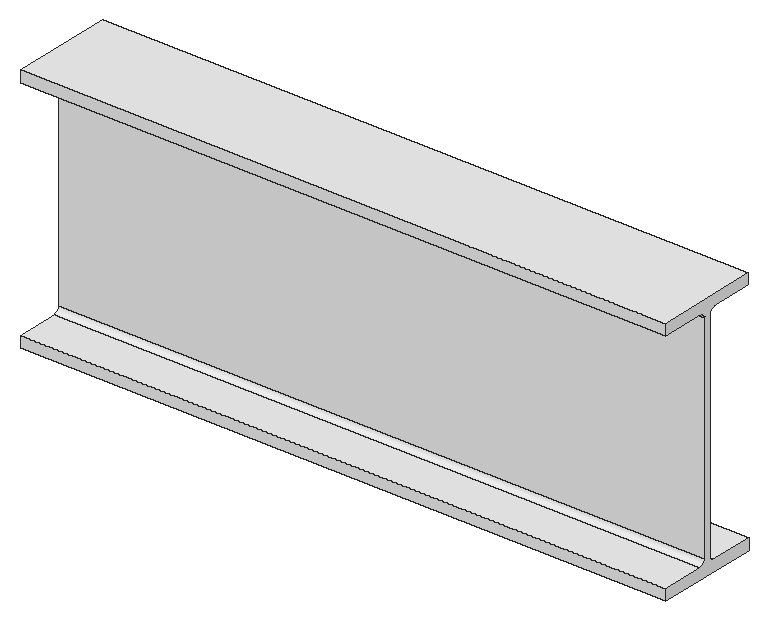
Revit family
Parameters (values of type "W460X106")
  Start Extension Calculation [instance] = 3012.5 mm + Start Extension  # 3000 mm
  Start Extension [instance] = -12.5 mm
  End Extension Calculation [instance] = 3012.5 mm + End Extension  # 3000 mm
  End Extension [instance] = -12.5 mm
  Beam Material [instance] = Metal - Steel - 345 MPa
  Assembly Code = ""
  A = 0.014 m²
  Length [instance] = 1500 mm
  W = 1.0395
  bf = 194 mm
  d = 469 mm
  k = 30.8 mm
  kr = k - tf  # 10.2 mm
  tf = 20.6 mm
  tw = 12.6 mm
Reference planes
  plane 1 "Center (Front/Back)": y = 0
  plane 2: z = 0
  plane 3 "Center (Left/Right)": x = 4.61
  plane 4 "Member Left": x = -604.99
  plane 5 "Member Right": x = 614.21
  plane 6: y = 97
  plane 7: y = -97
  plane 8 "Top": z = 234.5
  plane 9: z = -234.5
  plane 10 "Right": x = 766.61
  plane 11 "Left": x = -733.39
  plane 12: x = -604.99
  plane 13: x = 614.21
  plane 14: x = 2395.01
  plane 15: x = -2385.79
Forms (mm)
  Sweep 1, solid, material "Metal - Steel - 345 MPa" <- "Beam Material", detail levels fine
    path origin (0, 0, 0) x (1, 0, 0) y (0, 1, 0)
      loop
        line (614.21, 0) -> (-604.99, 0)
    profile "M_HP-Bearing Pile-Profile-Fine : M_HP-Bearing Pile-Profile-Fine" origin (4.61, 0, 0) x (0, -1, 0) y (0, 0, 1)
      loop
        line (-97, -234.5) -> (97, -234.5) -> (97, -213.9) -> (16.5, -213.9)
        arc (16.5, -213.9) -> (9.288, -210.912) -> (6.3, -203.7) r 10.2
        line (6.3, -203.7) -> (6.3, 203.7)
        arc (6.3, 203.7) -> (9.288, 210.912) -> (16.5, 213.9) r 10.2
        line (16.5, 213.9) -> (97, 213.9) -> (97, 234.5) -> (-97, 234.5) -> (-97, 213.9) -> (-16.5, 213.9)
        arc (-16.5, 213.9) -> (-9.288, 210.912) -> (-6.3, 203.7) r 10.2
        line (-6.3, 203.7) -> (-6.3, -203.7)
        arc (-6.3, -203.7) -> (-9.288, -210.912) -> (-16.5, -213.9) r 10.2
        line (-16.5, -213.9) -> (-97, -213.9) -> (-97, -234.5)
  Sweep 2, solid, material "Metal - Steel - 345 MPa" <- "Beam Material", detail levels medium
    path origin (0, 0, 0) x (1, 0, 0) y (0, 1, 0)
      loop
        line (614.21, 0) -> (-604.99, 0)
    profile "M_HP-Bearing Pile-Profile-Medium : M_HP-Bearing Pile-Profile-Medium" origin (4.61, 0, 0) x (0, -1, 0) y (0, 0, 1)
      loop
        line (-97, -234.5) -> (97, -234.5) -> (97, -213.9) -> (6.3, -213.9) -> (6.3, 213.9) -> (97, 213.9) -> (97, 234.5) -> (-97, 234.5) -> (-97, 213.9) -> (-6.3, 213.9) -> (-6.3, -213.9) -> (-97, -213.9) -> (-97, -234.5)
Lines and regions (mm)
  symbolic lines, style "Hidden Faces", detail levels medium+fine
    curve 1: line (614.21, -6.5, 0) -> (-604.99, -6.5, 0)
    curve 2: line (614.21, 6.5, 0) -> (-604.99, 6.5, 0)
  symbolic lines, style "Stick Symbols", detail levels coarse
    curve 3: line (4.61, 97, 234.5) -> (4.61, -97, 234.5)
    curve 4: line (4.61, -97, -234.5) -> (4.61, 97, -234.5)
    curve 5: line (4.61, 0, -234.5) -> (4.61, 0, 234.5)
Dimensions and locks
  "bf": plane 6 to plane 7
  "d": plane 9 to plane 8 "Top"
  equal spacing: plane 9, plane 2, plane 8 "Top"
  equal spacing: plane 6, plane 1 "Center (Front/Back)", plane 7
  "Length": plane 11 "Left" to plane 10 "Right"
  locked: plane 4 "Member Left" to plane 14 at 3000
  locked: plane 15 to plane 5 "Member Right" at 3000
  "Start Extension Calculation": plane 12 to plane 14
  "End Extension Calculation": plane 15 to plane 13
  aligned and locked: Sweep 1 sketch curve to plane 1 "Center (Front/Back)"
  aligned and locked: Sweep 2 sketch curve to plane 1 "Center (Front/Back)"
  aligned and locked: Sweep 2 to curve 3  (x2)
  aligned and locked: Sweep 2 to curve 4  (x2)
  aligned and locked: curve 3 to Sweep 2
  aligned and locked: curve 4 to Sweep 2
  aligned and locked: plane 12 to Sweep 2 sketch curve
  aligned and locked: plane 13 to Sweep 2 sketch curve
  aligned and locked: plane 12 to Sweep 1 sketch curve
  aligned and locked: plane 13 to Sweep 1 sketch curve
  aligned and locked: plane 12 to curve 1
  aligned and locked: plane 12 to curve 2
  aligned and locked: plane 13 to curve 1
  aligned and locked: plane 13 to curve 2
Automatic sketch dimensions
  plane 1 "Center (Front/Back)" to curve 1 = 6.5 mm
  curve 2 to plane 1 "Center (Front/Back)" = 6.5 mm
  curve 5 to plane 1 "Center (Front/Back)" = 0 mm
